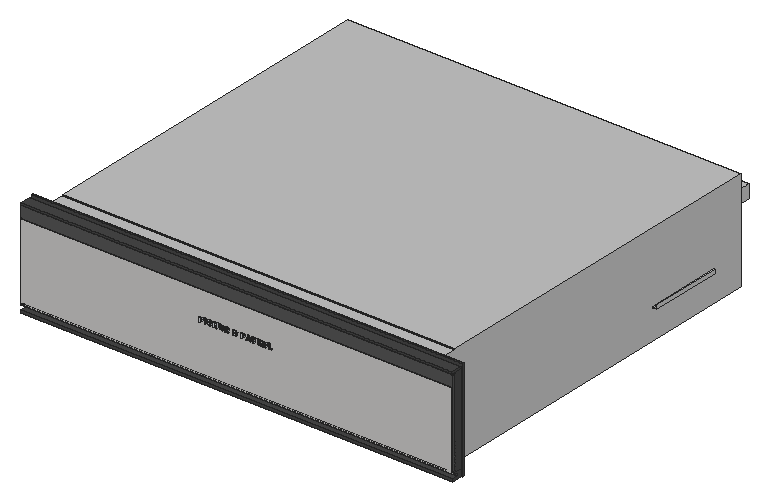
Revit family "FP_Revit_18_VB24SDEX1_Vacuum_Drawer_90001828A", category Specialty Equipment, Revit 2018
Family settings
  Round Connector Dimension = Use Diameter
  Part Type = Normal
  OmniClass Number = 23.40.40.00
  OmniClass Title = Food Service Equipment and Furnishings
  Work Plane-Based = No
  Always vertical = Yes
  Cut with Voids When Loaded = Yes
  Shared = No
  Room Calculation Point = No
Parameters (values of type "VB24SDEX1")
  Visibility - Clearance Required = yes
  URL = "www.fisherpaykel.com"
  Product - Width = 596 mm  # constant formula
  Product - Height = 140 mm  # constant formula
  Product - Depth = 567 mm  # constant formula
  Model = "VB24SDEX1"
  Material - Trim = Fisher & Paykel - Black
  Material - Structure = Fisher & Paykel - Black
  Material - Glass = Fisher & Paykel - Glass, Black
  Material - Door Front = Fisher & Paykel - Stainless Steel
  Material - Body = Fisher & Paykel - Grey
  Manufacturer = "Fisher & Paykel Appliances"
  FFL Offset [instance] = 740 mm
  Description = "24\" Vacuum Drawer"
  Connector Description - Electrical = "110 V, 60 Hz, 10 A"
  Chassis - Width = 543 mm  # constant formula
  Chassis - Height = 140 mm  # constant formula
  Chassis - Depth = 545 mm  # constant formula
  Cavity - Width = 560 mm  # constant formula
  Cavity - Height = 142 mm  # constant formula
  Cavity - Depth = 550 mm  # constant formula
Reference planes
  plane 1 "Center (Front/Back)": y = 0
  plane 2: z = 0
  plane 3 "Center (Left/Right)": x = 0
  plane 4 "Cavity - Height": z = 882
  plane 5 "Product LHS": x = -298
  plane 6 "Product RHS": x = 298
  plane 7 "Cavity LHS": x = -300
  plane 8 "Cavity RHS": x = 300
  plane 9 "Cavity - Depth": y = 550
  plane 10 "Front Face": y = -21.6
  plane 11 "Chassis - Height": z = 880
  plane 12 "FFL Offset": z = 740
  plane 13 "Product - Depth": y = 545
Forms (mm)
  Extrusion 1, solid, material "Fisher & Paykel - Grey" <- "Material - Body"
    sketch origin (0, 0, 0) x (0, 1, 0) y (0, 0, 1)
      loop
        line (18, 880) -> (18, 879) -> (0, 879) -> (0, 740) -> (511, 740) -> (511, 880) -> (18, 880)
    from -271.5 to 271.5
  Extrusion 2, solid, material "Fisher & Paykel - Black" <- "Material - Structure", detail levels fine
    sketch origin (0, 0, 0) x (0, 1, 0) y (0, 0, 1)
      loop
        line (-6, 875) -> (-15.9, 875) -> (-15.9, 751.6) -> (-6, 751.6) -> (-6, 875)
    from -298 to 298
  Extrusion 3, solid, material "Fisher & Paykel - Black" <- "Material - Structure", detail levels fine
    sketch origin (0, 0, 0) x (0, 1, 0) y (0, 0, 1)
      loop
        line (-2, 880) -> (-2, 740) -> (0, 740) -> (0, 880) -> (-2, 880)
    from -298 to 298
  Extrusion 4, solid, material "Fisher & Paykel - Black" <- "Material - Trim", detail levels fine
    sketch origin (0, 0, 0) x (0, 1, 0) y (0, 0, 1)
      loop
        line (-14.6, 748.6) -> (-11, 748.6) -> (-11, 745) -> (-19.9, 745) -> (-19.9, 742) -> (-6, 742) -> (-6, 751.6) -> (-18.226, 751.6) -> (-14.6, 748.6)
    from -298 to 298
  Extrusion 5, solid, material "Fisher & Paykel - Grey" <- "Material - Body"
    sketch origin (0, 0, 0) x (1, 0, 0) y (0, 0, 1)
      loop
        line (255, 848) -> (230, 848) -> (230, 829) -> (255, 829) -> (255, 848)
    from -545 to -511
  Extrusion 6, solid, material "Fisher & Paykel - Grey" <- "Material - Body", detail levels fine
    sketch origin (0, 0, 0) x (0, 1, 0) y (0, 0, 1)
      loop
        circle (534.996, 838.517) r 8
    from 190 to 230
  Extrusion 7, solid, material "Fisher & Paykel - Stainless Steel" <- "Material - Door Front", detail levels fine
    sketch origin (0, 0, 0) x (1, 0, 0) y (0, 0, 1)
      loop
        line (-298, 858.6) -> (-298, 751.6) -> (298, 751.6) -> (298, 858.6) -> (-298, 858.6)
    from 19.9 to 21.6
  Extrusion 8, solid, material "Fisher & Paykel - Clearance Required", visible <- "Visibility - Clearance Required", detail levels coarse
    sketch origin (0, 0, 0) x (1, 0, 0) y (0, 1, 0)
      loop
        line (-280, 0) -> (280, 0) -> (280, 550) -> (-280, 550) -> (-280, 0)
    from 740 to 882
  Extrusion 9, solid, material "Fisher & Paykel - Clearance Required", visible <- "Visibility - Clearance Required", detail levels coarse
    sketch origin (0, 41, 0) x (0, 1, 0) y (0, 0, 1)
      loop
        line (-476.6, 740) -> (-41, 740) -> (-41, 882) -> (-476.6, 882) -> (-476.6, 740)
    from -300 to 300
  Extrusion 10, solid, material "Fisher & Paykel - Stainless Steel" <- "Material - Door Front", detail levels coarse+medium
    sketch origin (0, 0, 0) x (0, 1, 0) y (0, 0, 1)
      loop
        line (-21.6, 878) -> (-21.6, 740) -> (0, 740) -> (0, 878) -> (-21.6, 878)
    from -298 to 298
  Extrusion 11, solid, material "Fisher & Paykel - Black" <- "Material - Structure", detail levels fine
    sketch origin (0, 0, 0) x (0, 1, 0) y (0, 0, 1)
      loop
        line (-2, 745) -> (-2, 859) -> (-6, 859) -> (-6, 745) -> (-2, 745)
    from -258.5 to 258.5
  Extrusion 12, solid, material "Fisher & Paykel - Black" <- "Material - Trim", detail levels fine
    sketch origin (0, 0, 0) x (0, 1, 0) y (0, 0, 1)
      loop
        line (-6, 878) -> (-20.4, 878) -> (-20.4, 875) -> (-6, 875) -> (-6, 878)
    from -298 to 298
  Extrusion 13, solid, material "Fisher & Paykel - Glass, Black" <- "Material - Glass", detail levels fine
    sketch origin (0, 0, 0) x (1, 0, 0) y (0, 0, 1)
      loop
        arc (-296, 875) -> (-297.414, 874.414) -> (-298, 873) r 2
        line (-298, 873) -> (-298, 753.6)
        arc (-298, 753.6) -> (-297.414, 752.186) -> (-296, 751.6) r 2
        line (-296, 751.6) -> (296, 751.6)
        arc (296, 751.6) -> (297.414, 752.186) -> (298, 753.6) r 2
        line (298, 753.6) -> (298, 873)
        arc (298, 873) -> (297.414, 874.414) -> (296, 875) r 2
        line (296, 875) -> (-296, 875)
    from 15.9 to 19.9
  Extrusion 14, solid, material "Fisher & Paykel - Grey" <- "Material - Body", detail levels fine
    sketch origin (0, 0, 0) x (1, 0, 0) y (0, 0, 1)
      loop
        circle (-120, 813) r 22.97
    from -528 to -511
  Extrusion 15, solid, material "Fisher & Paykel - Grey" <- "Material - Body", detail levels fine
    sketch origin (0, 0, 0) x (1, 0, 0) y (0, 0, 1)
      loop
        line (-277.75, 787.5) -> (-277.75, 782.5) -> (-272, 782.5) -> (-272, 783.5) -> (-276.5, 783.5) -> (-276.5, 787.5) -> (-277.75, 787.5)
      loop
        line (277.75, 787.5) -> (276.5, 787.5) -> (276.5, 783.5) -> (272, 783.5) -> (272, 782.5) -> (277.75, 782.5) -> (277.75, 787.5)
    from -458 to -358
  Extrusion 16, void
    sketch origin (0, 0, 0) x (1, 0, 0) y (0, 1, 0)
      loop
        line (-280, 0) -> (280, 0) -> (280, 550) -> (-280, 550) -> (-280, 0)
    from 740 to 882
  Extrusion 17, void
    sketch origin (0, 0, 0) x (0, 1, 0) y (0, 0, 1)
      loop
        line (-21.6, 740) -> (0, 740) -> (0, 882) -> (-21.6, 882) -> (-21.6, 740)
    from -300 to 300
Text (mm)
  text "Due to ongoing product development, product details are subject to change without notice. \nPlease always refer to www.fisherpaykel.com for the most current product information. \n© Fisher & Paykel 2020" at (41.04, -543.295, 0), in view "Ref. Level (Plan)"
Dimensions and locks
  equal spacing: plane 5 "Product LHS", plane 3 "Center (Left/Right)", plane 6 "Product RHS"
  "Product - Width": plane 5 "Product LHS" to plane 6 "Product RHS"
  equal spacing: plane 7 "Cavity LHS", plane 3 "Center (Left/Right)", plane 8 "Cavity RHS"
  "Cavity - Depth": plane 9 "Cavity - Depth" to plane 1 "Center (Front/Back)"
  equal spacing: Extrusion 1, plane 3 "Center (Left/Right)", Extrusion 1
  equal spacing: Extrusion 8, plane 3 "Center (Left/Right)", Extrusion 8
  "Cavity - Width": Extrusion 8 to Extrusion 8
  "FFL Offset": plane 12 "FFL Offset" to level
  Extrusion 4 to plane 12 "FFL Offset" = 11.6 mm
  locked: Extrusion 10 to plane 11 "Chassis - Height" at 2
  locked: plane 7 "Cavity LHS" to plane 8 "Cavity RHS" at 600
  locked: nested 1 to plane 12 "FFL Offset" at 79
  "Product - Height": plane 11 "Chassis - Height" to plane 12 "FFL Offset"
  "Cavity - Height": plane 4 "Cavity - Height" to plane 12 "FFL Offset"
  Extrusion 15 to Extrusion 15 = 555.5 mm
  locked: plane 1 "Center (Front/Back)" to plane 10 "Front Face" at 21.6
  "Chassis - Depth": plane 1 "Center (Front/Back)" to plane 13 "Product - Depth"
  plane 10 "Front Face" to plane 13 "Product - Depth" = 566.6 mm
  "Chassis - Width": Extrusion 1 to Extrusion 1
  locked: Extrusion 15 to plane 12 "FFL Offset" at 42.5
  locked: plane 12 "FFL Offset" to Extrusion 4 at 11.6
  Extrusion 9 to plane 10 "Front Face" = 414 mm
  aligned and locked: level to plane 2
  aligned and locked: Extrusion 10 to Extrusion 3
  aligned and locked: Extrusion 9 to Extrusion 3
  aligned and locked: Extrusion 1 to plane 11 "Chassis - Height"
  aligned and locked: plane 4 "Cavity - Height" to Extrusion 8
  aligned and locked: Extrusion 3 to plane 11 "Chassis - Height"
  aligned and locked: Extrusion 13 sketch curve to plane 5 "Product LHS"
  aligned and locked: plane 6 "Product RHS" to Extrusion 13 sketch curve
  aligned and locked: Extrusion 1 to plane 12 "FFL Offset"
  aligned and locked: Extrusion 12 to plane 6 "Product RHS"
  aligned and locked: plane 5 "Product LHS" to Extrusion 12
  aligned and locked: Extrusion 5 to Extrusion 1
  aligned and locked: Extrusion 13 to Extrusion 2
  aligned and locked: Extrusion 4 to Extrusion 2
  aligned and locked: Extrusion 11 to Extrusion 3
  aligned and locked: Extrusion 11 to Extrusion 2
  aligned and locked: Extrusion 9 sketch curve to plane 4 "Cavity - Height"
  aligned and locked: Extrusion 2 sketch curve to Extrusion 4
  aligned and locked: Extrusion 8 to plane 12 "FFL Offset"
  aligned and locked: Extrusion 7 to Extrusion 2
  aligned and locked: plane 4 "Cavity - Height" to Extrusion 16
  aligned and locked: Extrusion 16 to plane 12 "FFL Offset"
  aligned and locked: Extrusion 16 to Extrusion 8  (x2)
  aligned and locked: Extrusion 9 to plane 1 "Center (Front/Back)"
Automatic sketch dimensions
  Extrusion 1 sketch curve to plane 1 "Center (Front/Back)" = 0 mm
  plane 11 "Chassis - Height" to Extrusion 1 sketch curve = 0 mm
  Extrusion 1 sketch curve to plane 12 "FFL Offset" = 0 mm
  plane 11 "Chassis - Height" to Extrusion 1 sketch curve = 1 mm
  Extrusion 1 sketch curve to plane 1 "Center (Front/Back)" = 18 mm
  plane 13 "Product - Depth" to Extrusion 1 sketch curve = 34 mm
  plane 10 "Front Face" to Extrusion 2 sketch curve = 5.7 mm
  plane 1 "Center (Front/Back)" to Extrusion 2 sketch curve = 6 mm
  plane 11 "Chassis - Height" to Extrusion 2 sketch curve = 5 mm
  Extrusion 3 sketch curve to plane 12 "FFL Offset" = 0 mm
  plane 11 "Chassis - Height" to Extrusion 3 sketch curve = 0 mm
  Extrusion 3 sketch curve to plane 1 "Center (Front/Back)" = 0 mm
  plane 1 "Center (Front/Back)" to Extrusion 3 sketch curve = 2 mm
  plane 10 "Front Face" to Extrusion 4 sketch curve = 1.7 mm
  plane 10 "Front Face" to Extrusion 4 sketch curve = 3.374 mm
  Extrusion 4 sketch curve to Extrusion 4 sketch curve = 3.626 mm
  Extrusion 4 sketch curve to Extrusion 4 sketch curve = 3.6 mm  (x2)
  plane 12 "FFL Offset" to Extrusion 4 sketch curve = 2 mm
  Extrusion 4 sketch curve to Extrusion 4 sketch curve = 5 mm
  plane 12 "FFL Offset" to Extrusion 4 sketch curve = 5 mm
  Extrusion 4 sketch curve to Extrusion 4 sketch curve = 3 mm
  plane 11 "Chassis - Height" to Extrusion 5 sketch curve = 32 mm
  plane 6 "Product RHS" to Extrusion 5 sketch curve = 68 mm
  Extrusion 5 sketch curve to Extrusion 5 sketch curve = 25 mm
  Extrusion 5 sketch curve to Extrusion 5 sketch curve = 19 mm
  plane 13 "Product - Depth" to Extrusion 6 sketch curve = 10.004 mm
  plane 11 "Chassis - Height" to Extrusion 6 sketch curve = 41.483 mm
  plane 5 "Product LHS" to Extrusion 7 sketch curve = 0 mm
  plane 6 "Product RHS" to Extrusion 7 sketch curve = 0 mm
  plane 12 "FFL Offset" to Extrusion 7 sketch curve = 11.6 mm
  plane 11 "Chassis - Height" to Extrusion 7 sketch curve = 21.4 mm
  Extrusion 8 sketch curve to plane 9 "Cavity - Depth" = 0 mm
  plane 1 "Center (Front/Back)" to Extrusion 8 sketch curve = 0 mm
  Extrusion 8 sketch curve to plane 5 "Product LHS" = 18 mm
  plane 6 "Product RHS" to Extrusion 8 sketch curve = 18 mm
  Extrusion 9 sketch curve to plane 12 "FFL Offset" = 0 mm
  Extrusion 9 sketch curve to plane 1 "Center (Front/Back)" = 0 mm
  Extrusion 9 sketch curve to plane 10 "Front Face" = 414 mm
  Extrusion 10 sketch curve to plane 10 "Front Face" = 0 mm
  Extrusion 10 sketch curve to plane 1 "Center (Front/Back)" = 0 mm
  Extrusion 10 sketch curve to plane 12 "FFL Offset" = 0 mm
  plane 11 "Chassis - Height" to Extrusion 10 sketch curve = 2 mm
  plane 1 "Center (Front/Back)" to Extrusion 11 sketch curve = 6 mm
  plane 1 "Center (Front/Back)" to Extrusion 11 sketch curve = 2 mm
  plane 12 "FFL Offset" to Extrusion 11 sketch curve = 5 mm
  plane 11 "Chassis - Height" to Extrusion 11 sketch curve = 21 mm
  plane 10 "Front Face" to Extrusion 12 sketch curve = 1.2 mm
  plane 1 "Center (Front/Back)" to Extrusion 12 sketch curve = 6 mm
  plane 11 "Chassis - Height" to Extrusion 12 sketch curve = 5 mm
  plane 11 "Chassis - Height" to Extrusion 12 sketch curve = 2 mm
  Extrusion 13 sketch curve to plane 5 "Product LHS" = 2 mm  (x2)
  plane 6 "Product RHS" to Extrusion 13 sketch curve = 2 mm  (x2)
  plane 12 "FFL Offset" to Extrusion 13 sketch curve = 11.6 mm
  plane 11 "Chassis - Height" to Extrusion 13 sketch curve = 7 mm
  Extrusion 14 sketch curve to plane 3 "Center (Left/Right)" = 120 mm
  plane 11 "Chassis - Height" to Extrusion 14 sketch curve = 67 mm
  Extrusion 15 sketch curve to plane 5 "Product LHS" = 20.25 mm
  Extrusion 15 sketch curve to Extrusion 15 sketch curve = 1.25 mm  (x2)
  Extrusion 15 sketch curve to Extrusion 15 sketch curve = 4.5 mm  (x2)
  plane 6 "Product RHS" to Extrusion 15 sketch curve = 26 mm
  plane 12 "FFL Offset" to Extrusion 15 sketch curve = 42.5 mm  (x2)
  Extrusion 15 sketch curve to Extrusion 15 sketch curve = 1 mm  (x2)
  Extrusion 15 sketch curve to Extrusion 15 sketch curve = 4 mm  (x2)
  Extrusion 16 sketch curve to plane 9 "Cavity - Depth" = 0 mm
  plane 1 "Center (Front/Back)" to Extrusion 16 sketch curve = 0 mm
  Extrusion 16 sketch curve to plane 5 "Product LHS" = 18 mm
  plane 6 "Product RHS" to Extrusion 16 sketch curve = 18 mm
  Extrusion 17 sketch curve to plane 4 "Cavity - Height" = 0 mm
  Extrusion 17 sketch curve to plane 12 "FFL Offset" = 0 mm
  Extrusion 17 sketch curve to plane 1 "Center (Front/Back)" = 0 mm
  Extrusion 17 sketch curve to plane 10 "Front Face" = 0 mm
  radius of Extrusion 6 sketch curve = 8 mm
  radius of Extrusion 14 sketch curve = 22.97 mm
Nested families
  nested 1: "F&P Logo 100mm" at (0, -21.6, 819.109), type "Grey"
Connectors
  electrical at (190, 534.996, 838.517), driven by "Connector Description - Electrical"
    settings: on Extrusion 6, index 1, voltage 110 V, apparent load 0 VA, apparent load phase1 0 VA, apparent load phase2 0 VA, apparent load phase3 0 VA, power factor 1, load classification "Other", number of poles 1, system type 30, power factor state 1, is connector primary yes, connector utility no, sub classification motor no, connector description "110 V, 60 Hz, 10 A"
Definition of nested family "F&P Logo 100mm"
  Parameters (values of type "Grey")
    URL = "www.fisherpaykel.com"
    Material - Logo = none
    Manufacturer = "Fisher & Paykel Appliances"
  Types (2): name
    Chrome
    Grey
  Reference planes
    plane 1 "Center (Front/Back)": y = 0
    plane 2: z = 0
    plane 3 "Center (Left/Right)": x = 0
  Forms (mm)
    Extrusion 1, solid, material <- "Material - Logo", detail levels fine
      sketch origin (0, 0, 0) x (1, 0, 0) y (0, 0, 1)
        loop
          line (-50.044, 0) -> (-48.47, 0) -> (-48.47, 2.138) -> (-46.011, 2.138) -> (-46.011, 3.472) -> (-48.47, 3.472) -> (-48.47, 4.712) -> (-45.795, 4.712) -> (-45.795, 6.04) -> (-50.044, 6.04) -> (-50.044, 0)
        loop
          line (-42.804, 6.04) -> (-42.804, 0) -> (-41.23, 0) -> (-41.23, 6.04) -> (-42.804, 6.04)
        loop
          line (-30.724, 6.04) -> (-30.724, 0) -> (-29.151, 0) -> (-29.151, 2.42) -> (-26.839, 2.42) -> (-26.839, 0) -> (-25.265, 0) -> (-25.265, 6.04) -> (-26.839, 6.04) -> (-26.839, 3.748) -> (-29.151, 3.748) -> (-29.151, 6.04) -> (-30.724, 6.04)
        loop
          line (-21.906, 6.04) -> (-21.906, 0) -> (-17.602, 0) -> (-17.602, 1.328) -> (-20.347, 1.328) -> (-20.347, 2.42) -> (-17.838, 2.42) -> (-17.838, 3.748) -> (-20.347, 3.748) -> (-20.347, 4.712) -> (-17.602, 4.712) -> (-17.602, 6.04) -> (-21.906, 6.04)
        loop
          line (45.667, 6.04) -> (45.667, 0) -> (49.956, 0) -> (49.956, 1.328) -> (47.241, 1.328) -> (47.241, 6.04) -> (45.667, 6.04)
        loop
          line (42.431, 6.04) -> (38.112, 6.04) -> (38.112, 0) -> (42.431, 0) -> (42.431, 1.328) -> (39.687, 1.328) -> (39.687, 2.42) -> (42.195, 2.42) -> (42.195, 3.748) -> (39.687, 3.748) -> (39.687, 4.712) -> (42.431, 4.712) -> (42.431, 6.04)
        loop
          line (33.451, 3.148) -> (35.683, 6.04) -> (33.844, 6.04) -> (31.915, 3.542) -> (31.915, 6.04) -> (30.342, 6.04) -> (30.342, 0) -> (31.915, 0) -> (31.915, 2.705) -> (33.903, 0) -> (35.763, 0) -> (33.451, 3.148)
        loop
          line (21.98, 6.04) -> (24.262, 2.42) -> (24.262, 0) -> (25.837, 0) -> (25.837, 2.341) -> (28.119, 6.04) -> (26.446, 6.04) -> (25.099, 3.707) -> (23.753, 6.04) -> (21.98, 6.04)
        loop
          line (18.479, 6.04) -> (16.983, 6.04) -> (14.524, 0) -> (16.069, 0) -> (16.501, 1.112) -> (18.921, 1.112) -> (19.354, 0) -> (20.938, 0) -> (18.479, 6.04)
        loop
          line (18.4, 2.439) -> (17.693, 4.174) -> (17.018, 2.439) -> (18.4, 2.439)
        loop
          line (8.031, 6.04) -> (8.031, 0) -> (9.605, 0) -> (9.605, 1.938) -> (10.599, 1.938)
          arc (10.599, 1.938) -> (12.65, 3.989) -> (10.599, 6.04) r 2.051
          line (10.599, 6.04) -> (8.031, 6.04)
        loop
          line (9.605, 4.712) -> (9.605, 3.197) -> (10.501, 3.197)
          arc (10.501, 3.197) -> (11.259, 3.954) -> (10.501, 4.712) r 0.757
          line (10.501, 4.712) -> (9.605, 4.712)
        loop
          line (-11.783, 6.04) -> (-14.366, 6.04) -> (-14.366, 0) -> (-12.792, 0) -> (-12.792, 1.336) -> (-11.992, 1.336) -> (-10.972, 0) -> (-9.153, 0) -> (-10.694, 1.973)
          arc (-10.694, 1.973) -> (-9.678, 4.424) -> (-11.783, 6.04) r 2.179
        loop
          line (-11.897, 4.712) -> (-12.792, 4.712) -> (-12.792, 3.053) -> (-11.897, 3.053)
          arc (-11.897, 3.053) -> (-11.068, 3.882) -> (-11.897, 4.712) r 0.83
        loop
          line (0.477, 4.712) -> (0.477, 6.153) -> (-3.575, 6.153) -> (-3.575, 4.851) -> (-2.974, 4.112)
          arc (-2.974, 4.112) -> (-3.51, 0.684) -> (-0.045, 0.512) r 2.334
          line (-0.045, 0.512) -> (0.46, -0.109) -> (2.246, -0.109) -> (0.86, 1.594) -> (2.061, 3.324) -> (0.443, 3.324) -> (-0.013, 2.667) -> (-1.677, 4.712) -> (0.477, 4.712)
        loop
          arc (-2.125, 3.068) -> (-2.269, 1.668) -> (-0.868, 1.524) r 0.996
          line (-0.868, 1.524) -> (-2.125, 3.068)
        loop
          line (-35.18, 3.634) -> (-36.516, 3.91)
          arc (-36.516, 3.91) -> (-37.049, 4.443) -> (-36.516, 4.976) r 0.533
          arc (-36.516, 4.976) -> (-35.235, 4.79) -> (-34.059, 4.248) r 4.505
          line (-34.059, 4.248) -> (-34.059, 5.743)
          arc (-34.059, 5.743) -> (-35.549, 6.179) -> (-37.1, 6.109) r 4.726
          arc (-37.1, 6.109) -> (-38.536, 4.335) -> (-37.1, 2.561) r 1.814
          line (-37.1, 2.561) -> (-35.754, 2.282)
          arc (-35.754, 2.282) -> (-35.221, 1.749) -> (-35.754, 1.216) r 0.533
          arc (-35.754, 1.216) -> (-37.035, 1.402) -> (-38.211, 1.945) r 4.505
          line (-38.211, 1.945) -> (-38.211, 0.449)
          arc (-38.211, 0.449) -> (-36.72, 0.013) -> (-35.169, 0.083) r 4.726
          arc (-35.169, 0.083) -> (-33.734, 1.863) -> (-35.18, 3.634) r 1.814
      from 0 to 0.8
  Dimensions and locks
    aligned and locked: level to plane 2
